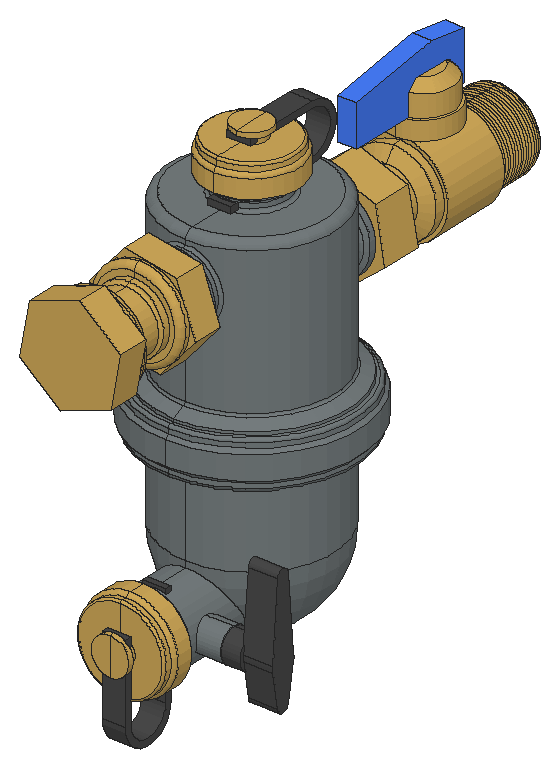
Revit family "VT.383.B.05", category Оборудование, Revit 2019
Family settings
  Размер круглого соединителя = Использовать диаметр
  Тип детали = Нормальный
  Номер OmniClass = 23.75.00.00
  Заголовок OmniClass = Climate Control (HVAC)
  На основе рабочей плоскости = Нет
  Всегда вертикально = Да
  При загрузке вырезать с полостями = Нет
  Общий = Нет
  Точка расчета площади = Нет
Parameters (values of type "RAL7016")
  Техническое описание = "https://valtec.ru/catalog/filtry/deshlamatory/filtr_deshlamator_s_plastikovym_korpusom.html"
  Страна производитель = "Italy"
  Семейство продуктов = "Дополнительный"
  Производитель URL = "https://valtec.ru/catalog/filtry/deshlamatory/filtr_deshlamator_s_plastikovym_korpusom.html"
  Произведено в = "Сделано в Италии"  # constant formula
  Практическое руководство по использованию семьи = "Фильтрация гарантируется во всех 4 доступных конфигурациях благодаря поворотной вставке (ожидается получение патента). Поворотная вставка заставляет поток воды внутри сетчатого фильтра, который задерживает загрязнения.\r\n- Вы можете выбрать одну из 4 конфигураций: «Компоновка A» или «Компоновка A1» или «Компоновка B» или «Компоновка B1». Отметьте эту опцию в параметре «Свойства модели - макет». Будьте осторожны: вы должны выбрать только один макет.\r\n- Вы можете выбрать один из двух дополнительных комплектов. Отметьте эту опцию в параметре «Свойства модели - Комплект с дополнительными присадками HT (высокотемпературная система)» или «Комплект с дополнительными присадками LT (низкотемпературная система)». Будьте осторожны: вы должны выбрать только один дополнительный комплект.\r\n- Вы можете выбрать между двумя различными отделками. Отметьте эту опцию в параметре «Модели и отделка - Отделка серого или Отделка белого»"
  Отделка серый = not(Отделка Белый)  # yes
  Отделка Белый = no
  Описание статьи = "Поворотный магнитный грязеуловитель с фильтром"  # constant formula
  Описание Конфигурации = "Фильтрация гарантируется во всех 4 доступных конфигурациях благодаря поворотной вставке (заявка на патент подана), которая заставляет поток воды внутри фильтра, который задерживает загрязнения."
  Описание OmniClass = "Клапаны"
  Номинальная ширина = 0 mm
  Номинальная высота = 0 mm
  Название производителя = "IVAR"
  Материал основной = "Polyamide"
  Материал вторичный = ""
  Мастерформат 2014 Описание = "Отопление, вентиляция и кондиционирование воздуха (HVAC)"
  Марка url = "http://www.ivar-group.com/en/web/international/home"
  Инструкции по установке = "https://valtec.ru/catalog/filtry/deshlamatory/filtr_deshlamator_s_plastikovym_korpusom.html"
  Группа товаров = "Дополнительный"
  Вес нетто (Kg) = "0"
  Вес = 0.605 kg
  Версия = "Rev.00"  # constant formula
  url продукта = "https://valtec.ru/catalog/filtry/deshlamatory/filtr_deshlamator_s_plastikovym_korpusom.html"
  Y_OUT [instance] = if(and(Расположение A), 14 mm, if(and(Расположение A1), 65 mm, if(and(Расположение B), 19 mm, if(and(Расположение B1), 77 mm, 0 mm))))  # 65 mm
  Y_IN [instance] = if(and(Расположение A), 77 mm, if(and(Расположение A1), 77 mm, if(and(Расположение B), 67 mm, if(and(Расположение B1), 67 mm, 0 mm))))  # 77 mm
  X_OUT [instance] = if(and(Расположение A), 116 mm, if(and(Расположение A1), 192 mm, if(and(Расположение B), 129 mm, if(and(Расположение B1), 67 mm, 0 mm))))  # 192 mm
  X_IN [instance] = if(and(Расположение A), 49 mm, if(and(Расположение A1), 49 mm, if(and(Расположение B), 210 mm, if(and(Расположение B1), 210 mm, 0 mm))))  # 49 mm
  Uniformat II Описание = "HVAC"
  Комментарии к типоразмеру = "Разработано в Италии"  # constant formula
  Uniclass 2015 имя = "Водопроводные системы"
  Uniclass 2.0 Описание = "Клапаны"
  Uniclass 1.4 Описание = "Водопроводные системы"
  Рейтинг разделения частиц (µm) = 800
  Комплект с дополнительными добавками HT [instance] = no
  OUT [instance] = if(and(Расположение A), 0, if(and(Расположение A1), 3, if(and(Расположение B), 1, if(and(Расположение B1), 2, 0))))  # 3
  OUT_Вверх [instance] = OUT = 3  # yes
  URL = "https://valtec.ru/catalog/filtry/deshlamatory/filtr_deshlamator_s_plastikovym_korpusom.html"
  OUT_Вниз [instance] = OUT = 2  # no
  OUT_Центральный [instance] = OUT = 1  # no
  Минимальная рабочая температура (°C) = 0 °C
  Макс рабочая температура (°C) = 90 °C
  Макс рабочее давление (bar) = 3 bar
  Максимальный процент гликоля (%) = 50
  Максимальный расход (m3/h) = 1.46 m³/h
  NBS Описание = "Клапаны"
  Материал = Techno-Polymer RAL7016
  В_Центре [instance] = IN = 3  # no
  IFC классификация = "Клапан"
  Поток [instance] = if(and(Расположение A), 0, if(and(Расположение A1), 1, if(and(Расположение B), 2, if(and(Расположение B1), 1, 0))))  # 1
  Угол_Потока [instance] = Поток = 2  # no
  Прямой_Поток [instance] = Поток = 1  # yes
  Вертикальная_Установка [instance] = Установка = 1  # yes
  Revit Version = "2018"  # constant formula
  Вращение Нижнее Тело [instance] = if(and(Расположение A), 0, if(and(Расположение A1), 2, if(and(Расположение B), 1, if(and(Расположение B1), 1, 0))))  # 2
  Вставить [instance] = if(and(Расположение A), 1, if(and(Расположение A1), 1, if(and(Расположение B), 2, if(and(Расположение B1), 2, 0))))  # 1
  Вставить_Положение B [instance] = Вставить = 2  # no
  Вставить_Положение A [instance] = Вставить = 1  # yes
  Вращение Нижнее Тело_0° [instance] = Вращение Нижнее Тело = 2  # yes
  Вращение Нижнее Тело_180° [instance] = Вращение Нижнее Тело = 1  # no
  Горизонтальная_Установка [instance] = Установка = 2  # no
  Группа модели = "ДЕШЛАМАТОРЫ®"  # constant formula
  Изготовитель = "IVAR"  # constant formula
  Установка [instance] = if(and(Расположение A), 2, if(and(Расположение A1), 1, if(and(Расположение B), 1, if(and(Расположение B1), 1, 0))))  # 1
  Описание = "Поворотный магнитный грязеуловитель с фильтром"  # constant formula
  EMCS Версия = "3.0"  # constant formula
  DN = 20 mm  # constant formula
  Расположение B1 [instance] = no
  Расположение B [instance] = no
  Расположение A1 [instance] = yes
  Расположение A [instance] = no
  Тип соединения = "Gas ISO 228/1"  # constant formula
  Размер соединения = "3/4\""
  BIM код основной категории объекта = "Водопровод"
  BIM код категории объекта = "Водопроводным-другой"
  BIM категория объекта = "Дополнительный\r\nдополнительный\r\nДополнительный"
  BIM главная категория объекта = "Водопровод"
  IN [instance] = if(and(Расположение A), 3, if(and(Расположение A1), 1, if(and(Расположение B), 2, if(and(Расположение B1), 2, 0))))  # 1
  В_Верху [instance] = IN = 2  # no
  В_Низу [instance] = IN = 1  # yes
  Комплект с дополнительными добавками LT [instance] = no
  Жидкости применения = "Вода и раствор гликоля"  # constant formula
  ANGLE_IN [instance] = if(and(Расположение A), 180.00°, if(and(Расположение A1), 180.00°, if(and(Расположение B), 0.00°, if(and(Расположение B1), 0.00°, 0.00°))))  # 180.00°
  ANGLE_OUT [instance] = if(and(Расположение A), 90.00°, if(and(Расположение A1), 0.00°, if(and(Расположение B), 90.00°, if(and(Расположение B1), 180.00°, 0.00°))))  # 0.00°
Types (2, lengths in mm): name | Семейство продуктов | Практическое руководство по использованию семьи | Отделка серый | Отделка Белый | Описание Конфигурации | Описание OmniClass | Марка url | Группа товаров | Y_OUT | Y_IN | X_OUT | X_IN | Uniclass 2.0 Описание | OUT | OUT_Вверх | OUT_Вниз | NBS Описание | Материал | Вращение Нижнее Тело | Вставить | Вставить_Положение B | Вставить_Положение A | Вращение Нижнее Тело_0° | Вращение Нижнее Тело_180° | Расположение B1 | Расположение A1 | BIM код основной категории объекта | BIM код категории объекта | BIM главная категория объекта | IN | В_Верху | В_Низу | ANGLE_IN | ANGLE_OUT
  RAL7016 | "Дополнительный" | "Фильтрация гарантируется во всех 4 доступных конфигурациях благодаря поворотной вставке (ожидается получение патента). Поворотная вставка заставляет поток воды внутри сетчатого фильтра, который задерживает загрязнения.\r\n- Вы можете выбрать одну из 4 конфигураций: «Компоновка A» или «Компоновка A1» или «Компоновка B» или «Компоновка B1». Отметьте эту опцию в параметре «Свойства модели - макет». Будьте осторожны: вы должны выбрать только один макет.\r\n- Вы можете выбрать один из двух дополнительных комплектов. Отметьте эту опцию в параметре «Свойства модели - Комплект с дополнительными присадками HT (высокотемпературная система)» или «Комплект с дополнительными присадками LT (низкотемпературная система)». Будьте осторожны: вы должны выбрать только один дополнительный комплект.\r\n- Вы можете выбрать между двумя различными отделками. Отметьте эту опцию в параметре «Модели и отделка - Отделка серого или Отделка белого»" | yes | no | "Фильтрация гарантируется во всех 4 доступных конфигурациях благодаря поворотной вставке (заявка на патент подана), которая заставляет поток воды внутри фильтра, который задерживает загрязнения." | "Клапаны" | "http://www.ivar-group.com/en/web/international/home" | "Дополнительный" | 65 | 77 | 192 | 49 | "Клапаны" | 3 | yes | no | "Клапаны" | Techno-Polymer RAL7016 | 2 | 1 | no | yes | yes | no | no | yes | "Водопровод" | "Водопроводным-другой" | "Водопровод" | 1 | no | yes | 180.00° | 0.00°
  RAL9010 | "Дополнительный\r\nдополнительный\r\nДополнительный" | "" | no | yes | "Фильтрация гарантируется во всех 4 доступных конфигурациях благодаря поворотной вставке (ожидается получение патента)\r\nэто заставляет поток воды внутри фильтра, который задерживает примеси." | "Арматура" | "https://valtec.ru/catalog/filtry/deshlamatory/filtr_deshlamator_s_plastikovym_korpusom.html" | "Дополнительный\r\nдополнительный\r\nДополнительный" | 77 | 67 | 67 | 210 | "Арматура" | 2 | no | yes | "Арматура" | Techno-Polymer RAL9010 | 1 | 2 | yes | no | no | yes | yes | no | "водопровод" | "водопроводным-дополнительный\r\nдополнительный\r\nДополнительный" | "Plumbing" | 2 | yes | no | 0.00° | 180.00°
Reference planes
  plane 1 "Center (Front/Back)": y = 0
  plane 2: z = 0
  plane 3 "Center (Left/Right)": x = 0
  plane 4: y = -31.87
  plane 5: z = 15.7
  plane 6: y = -21.091
  plane 7: z = 31.7
  plane 8: z = 28.7
  plane 9: z = 0
  plane 10: y = -168.93
  plane 11: z = 25.665
  plane 12: y = -179.709
  plane 13: z = 41.665
  plane 14: z = 38.665
  plane 15: y = -31.87
  plane 16: z = 15.711
  plane 17: y = -21.091
  plane 18: z = 31.711
  plane 19: z = 28.711
  plane 20: x = 45.576
  plane 21: x = -46
  plane 22: z = -83.066
Forms (mm)
  Extrusion 1, solid, material "BRASS - CW617N", visible <- "OUT_Вверх", detail levels medium+fine
    sketch origin (-108.585, -172.4, 407.643) x (0, 0, -1) y (1, 0, 0)
      loop
        line (408.631, 121.689) -> (391.786, 124.659) -> (380.791, 111.556) -> (386.641, 95.482) -> (403.487, 92.512) -> (414.482, 105.615) -> (408.631, 121.689)
    from -9.789 to 0
  Extrusion 2, solid, material "BRASS - CW617N", visible <- "OUT_Вверх", detail levels medium+fine
    sketch origin (-397.636, -172.4, -98.579) x (1, 0, 0) y (0, 0, 1)
      loop
        line (408.631, 121.689) -> (391.786, 124.659) -> (380.791, 111.556) -> (386.641, 95.482) -> (403.487, 92.512) -> (414.482, 105.615) -> (408.631, 121.689)
    from -38.6 to -28.811
  Revolve 3, solid, material "BRASS - CW617N", visible <- "OUT_Вверх", detail levels medium+fine
    sketch origin (0, -133.8, 10.006) x (0, 0, -1) y (0, -1, 0)
      loop
        line (0, 9.789) -> (0, 28.811) -> (-14.9, 28.811) -> (-14.9, 27.6)
        arc (-14.9, 27.6) -> (-14.314, 26.186) -> (-12.9, 25.6) r 2
        line (-12.9, 25.6) -> (-10, 25.6) -> (-10, 16.221)
        arc (-10, 16.221) -> (-10.293, 15.514) -> (-11, 15.221) r 1
        line (-11, 15.221) -> (-11, 13) -> (-12.9, 13)
        arc (-12.9, 13) -> (-14.314, 12.414) -> (-14.9, 11) r 2
        line (-14.9, 11) -> (-14.9, 9.789) -> (0, 9.789)
      axis (0, 9.789) -> (0, 28.811)
    angle from 0 to 360
  Revolve 4, solid, material "BRASS - CW617N", visible <- "В_Низу", detail levels medium+fine
    sketch origin (0, -87, 72.4) x (0, -1, 0) y (0, 0, 1)
      loop
        line (-87, -72.4) -> (-69.001, -72.4) -> (-69.001, -60.105) -> (-69.527, -59.194) -> (-70.048, -60.096) -> (-70.563, -59.202) -> (-71.082, -60.101) -> (-71.602, -59.201) -> (-72.118, -60.095) -> (-72.634, -59.201) -> (-73.157, -60.107) -> (-73.679, -59.203) -> (-74.199, -60.104) -> (-74.723, -59.197) -> (-75.24, -60.093) -> (-75.755, -59.2) -> (-76.272, -60.096) -> (-76.79, -59.201) -> (-77.305, -60.058) -> (-77.838, -59.169) -> (-78.34, -60.112) -> (-78.873, -59.225) -> (-79.392, -60.025) -> (-79.912, -59.161) -> (-80.432, -60.138) -> (-80.986, -59.215) -> (-81.471, -60.126) -> (-82.021, -59.21) -> (-82.491, -60.095) -> (-83.042, -59.18) -> (-83.549, -60.135) -> (-84.095, -59.227) -> (-84.573, -60.127) -> (-85.108, -59.236) -> (-85.91, -59.61) -> (-87, -60.7) -> (-87, -72.4)
      axis (-87, -72.4) -> (-69.001, -72.4)
    angle from 0 to 360
  Revolve 5, solid, material "BRASS - CW617N", visible <- "В_Низу", detail levels medium+fine
    sketch origin (0, -87, 72.4) x (0, -1, 0) y (0, 0, 1)
      loop
        line (-65.909, -56.7) -> (-55.13, -56.7) -> (-55.13, -40.7) -> (-61.35, -40.7) -> (-64.864, -43.7) -> (-64.864, -50.7) -> (-65.909, -50.7) -> (-65.909, -56.7)
      axis (-55.13, -56.7) -> (-55.13, -40.7)
    angle from 0 to 360
  Extrusion 6, solid, material "Plastic - Blue", visible <- "В_Низу", detail levels medium+fine
    sketch origin (0, -87, 72.4) x (0, -1, 0) y (0, 0, 1)
      loop
        line (-68, -50.7) -> (-64.864, -50.7) -> (-64.864, -43.7) -> (-61.35, -40.7) -> (-48.91, -40.7) -> (-45.396, -43.7) -> (-45.396, -50.7) -> (-25, -50.7) -> (-25, -37.5) -> (-55, -32.748) -> (-68, -34.807) -> (-68, -50.7)
    from -2.97 to 2.97
  Revolve 7, solid, material "BRASS - CW617N", visible <- "В_Низу", detail levels medium+fine
    sketch origin (0, -87, 72.4) x (0, -1, 0) y (0, 0, 1)
      loop
        line (-69.001, -72.4) -> (-32.999, -72.4) -> (-32.999, -62.892) -> (-41.046, -62.892) -> (-43.5, -58.642) -> (-46.5, -58.642) -> (-46.5, -57.4) -> (-69.001, -57.4) -> (-69.001, -72.4)
      axis (-69.001, -72.4) -> (-32.999, -72.4)
    angle from 0 to 360
  Revolve 8, solid, material "BRASS - CW617N", visible <- "В_Низу", detail levels medium+fine
    sketch origin (0, -87, 72.4) x (0, -1, 0) y (0, 0, 1)
      loop
        line (-64, -57.4) -> (-55.13, -57.4) -> (-55.13, -56.6) -> (-64, -56.6) -> (-64, -57.4)
      axis (-55.13, -57.4) -> (-55.13, -56.4)
    angle from 0 to 360
  Extrusion 9, solid, material "BRASS - CW617N", visible <- "В_Низу", detail levels medium+fine
    sketch origin (-108.585, 33.89, -397.136) x (0, 0, 1) y (1, 0, 0)
      loop
        line (408.631, 121.689) -> (391.786, 124.659) -> (380.791, 111.556) -> (386.641, 95.482) -> (403.487, 92.512) -> (414.482, 105.615) -> (408.631, 121.689)
    from -100.89 to -87.89
  Revolve 10, solid, material "Techno-Polymer RAL7016" <- "Материал", visible <- "Вертикальная_Установка", detail levels medium+fine
    sketch origin (0, -172.4, 11.406) x (0, 0, -1) y (0, -1, 0)
      loop
        line (-20, -72.4) -> (-14.127, -72.4) -> (-14.127, -60.4)
        arc (-14.127, -60.4) -> (-14.419, -61.107) -> (-15.127, -61.4) r 1
        line (-15.127, -61.4) -> (-16.739, -61.4)
        arc (-16.739, -61.4) -> (-17.239, -61.266) -> (-17.605, -60.9) r 1
        line (-17.605, -60.9) -> (-18.5, -59.35) -> (-20, -59.35) -> (-20, -72.4)
      axis (-20, -72.4) -> (-14.127, -72.4)
    angle from 0 to 360
  Revolve 11, solid, material "Techno-Polymer RAL7016" <- "Материал", visible <- "Вертикальная_Установка", detail levels medium+fine
    sketch origin (0, -172.4, 10.006) x (0, 0, -1) y (0, -1, 0)
      loop
        line (0, -38.6) -> (-13.05, -38.6) -> (-13.05, -41.4) -> (-11.5, -42.295)
        arc (-11.5, -42.295) -> (-11.134, -42.661) -> (-11, -43.161) r 1
        line (-11, -43.161) -> (-11, -45.02)
        arc (-11, -45.02) -> (-11.212, -45.636) -> (-11.758, -45.991) r 1
        line (-11.758, -45.991) -> (0, -45.991) -> (0, -38.6)
      axis (0, -38.6) -> (0, -45.991)
    angle from 0 to 360
  Revolve 12, solid, material "Techno-Polymer RAL7016" <- "Материал", visible <- "Вертикальная_Установка", detail levels medium+fine
    sketch origin (0, -172.4, 11.406) x (0, 0, -1) y (0, -1, 0)
      loop
        line (-14.127, -48.874) -> (-14.127, -72.4) -> (53.5, -72.4) -> (53.5, -40.141)
        arc (53.5, -40.141) -> (53.21, -39.44) -> (52.509, -39.15) r 0.991
        line (52.509, -39.15) -> (51, -39.15) -> (49.788, -37.938) -> (42.195, -37.938) -> (41, -39.133) -> (39.487, -39.133)
        arc (39.487, -39.133) -> (38.789, -39.422) -> (38.5, -40.12) r 0.987
        line (38.5, -40.12) -> (38.5, -41.403) -> (37.558, -41.403) -> (35.691, -45.407)
        arc (35.691, -45.407) -> (35.336, -45.788) -> (34.825, -45.887) r 0.842
        line (34.825, -45.887) -> (-11.712, -45.887)
        arc (-11.712, -45.887) -> (-13.447, -46.953) -> (-14.127, -48.874) r 3.055
      axis (-14.127, -72.4) -> (53.5, -72.4)
    angle from 0 to 360
  Revolve 13, solid, material "Techno-Polymer RAL7016" <- "Материал", visible <- "Вертикальная_Установка", detail levels medium+fine
    sketch origin (0, -172.4, 10) x (0, 0, -1) y (0, -1, 0)
      loop
        line (10, -105.4) -> (10, -98.9) -> (-2.098, -98.9)
        arc (-2.098, -98.9) -> (-0.892, -100.544) -> (-1.447, -102.505) r 2.321
        line (-1.447, -102.505) -> (-3.05, -103.43) -> (-3.05, -105.4) -> (10, -105.4)
      axis (10, -98.9) -> (10, -105.4)
    angle from 0 to 360
  Revolve 14, solid, material "Techno-Polymer RAL7016" <- "Материал", visible <- "Вращение Нижнее Тело_0°", detail levels medium+fine
    sketch origin (0, -172.4, 11.406) x (0, 0, -1) y (0, -1, 0)
      loop
        line (53.5, -72.4) -> (53.5, -98.9) -> (80.198, -98.9)
        arc (80.198, -98.9) -> (95.806, -94.438) -> (106.698, -82.4) r 29.53
        line (106.698, -82.4) -> (106.698, -72.4) -> (53.5, -72.4)
      axis (53.5, -72.4) -> (106.698, -72.4)
    angle from 0 to 360
  Revolve 15, solid, material "BRASS - CW617N", visible <- "Прямой_Поток", detail levels medium+fine
    sketch origin (0, -110, -73.994) x (0, 1, 0) y (0, 0, -1)
      loop
        line (10, -119.297) -> (10, -105.4) -> (-5, -105.4) -> (-5, -111.18)
        arc (-5, -111.18) -> (-4.729, -112.106) -> (-4, -112.739) r 1.716
        line (-4, -112.739) -> (-4, -114.384)
        arc (-4, -114.384) -> (-3.843, -114.919) -> (-3.42, -115.284) r 0.989
        line (-3.42, -115.284) -> (5.484, -115.284) -> (5.484, -117.8) -> (4.001, -117.8) -> (4.001, -119.297) -> (10, -119.297)
      axis (10, -105.4) -> (10, -119.297)
    angle from 0 to 360
  Revolve 16, solid, material "BRASS - CW617N", visible <- "Вращение Нижнее Тело_0°", detail levels medium+fine
    sketch origin (0, -37.603, -73.066) x (0, 0, -1) y (0, -1, 0)
      loop
        line (10, 118.897) -> (4.001, 118.897) -> (4.001, 117.4) -> (5.484, 117.4) -> (5.484, 114.884) -> (-3.42, 114.884)
        arc (-3.42, 114.884) -> (-3.843, 114.519) -> (-4, 113.984) r 0.989
        line (-4, 113.984) -> (-4, 112.339)
        arc (-4, 112.339) -> (-4.729, 111.706) -> (-5, 110.78) r 1.716
        line (-5, 110.78) -> (-5, 105.4) -> (10, 105.4) -> (10, 118.897)
      axis (10, 105.4) -> (10, 118.897)
    angle from 0 to 360
  Extrusion 17, solid, material "BRASS - CW617N", visible <- "Горизонтальная_Установка", detail levels medium+fine
    sketch origin (-397.636, -195.585, 72.4) x (1, 0, 0) y (0, 1, 0)
      loop
        line (408.631, 121.689) -> (391.786, 124.659) -> (380.791, 111.556) -> (386.641, 95.482) -> (403.487, 92.512) -> (414.482, 105.615) -> (408.631, 121.689)
    from -38.6 to -28.811
  Revolve 18, solid, material "BRASS - CW617N", visible <- "Горизонтальная_Установка", detail levels medium+fine
    sketch origin (0, -87, 33.8) x (0, -1, 0) y (0, 0, 1)
      loop
        line (0, 9.789) -> (0, 28.811) -> (-14.9, 28.811) -> (-14.9, 28)
        arc (-14.9, 28) -> (-14.314, 26.586) -> (-12.9, 26) r 2
        line (-12.9, 26) -> (-10, 26) -> (-10, 16.621)
        arc (-10, 16.621) -> (-10.293, 15.914) -> (-11, 15.621) r 1
        line (-11, 15.621) -> (-11, 13.4) -> (-12.9, 13.4)
        arc (-12.9, 13.4) -> (-14.314, 12.814) -> (-14.9, 11.4) r 2
        line (-14.9, 11.4) -> (-14.9, 9.789) -> (0, 9.789)
      axis (0, 9.789) -> (0, 28.811)
    angle from 0 to 360
  Revolve 19, solid, material "Techno-Polymer RAL7016" <- "Материал", visible <- "Горизонтальная_Установка", detail levels medium+fine
    sketch origin (0, -87, 72.4) x (0, -1, 0) y (0, 0, 1)
      loop
        line (-20, -72.4) -> (-14.127, -72.4) -> (-14.127, -60.4)
        arc (-14.127, -60.4) -> (-14.419, -61.107) -> (-15.127, -61.4) r 1
        line (-15.127, -61.4) -> (-16.739, -61.4)
        arc (-16.739, -61.4) -> (-17.239, -61.266) -> (-17.605, -60.9) r 1
        line (-17.605, -60.9) -> (-18.5, -59.35) -> (-20, -59.35) -> (-20, -72.4)
      axis (-20, -72.4) -> (-14.127, -72.4)
    angle from 0 to 360
  Revolve 20, solid, material "Techno-Polymer RAL7016" <- "Материал", visible <- "Горизонтальная_Установка", detail levels medium+fine
    sketch origin (0, -87, 72.4) x (0, -1, 0) y (0, 0, 1)
      loop
        line (0, -38.6) -> (-13.05, -38.6) -> (-13.05, -41.4) -> (-11.5, -42.295)
        arc (-11.5, -42.295) -> (-11.134, -42.661) -> (-11, -43.161) r 1
        line (-11, -43.161) -> (-11, -45.02)
        arc (-11, -45.02) -> (-11.212, -45.636) -> (-11.758, -45.991) r 1
        line (-11.758, -45.991) -> (0, -45.991) -> (0, -38.6)
      axis (0, -38.6) -> (0, -45.991)
    angle from 0 to 360
  Revolve 21, solid, material "Techno-Polymer RAL7016" <- "Материал", visible <- "Горизонтальная_Установка", detail levels medium+fine
    sketch origin (0, -87, 72.4) x (0, -1, 0) y (0, 0, 1)
      loop
        line (-14.127, -48.874) -> (-14.127, -72.4) -> (53.5, -72.4) -> (53.5, -40.141)
        arc (53.5, -40.141) -> (53.21, -39.44) -> (52.509, -39.15) r 0.991
        line (52.509, -39.15) -> (51, -39.15) -> (49.788, -37.938) -> (42.195, -37.938) -> (41, -39.133) -> (39.487, -39.133)
        arc (39.487, -39.133) -> (38.789, -39.422) -> (38.5, -40.12) r 0.987
        line (38.5, -40.12) -> (38.5, -41.403) -> (37.558, -41.403) -> (35.691, -45.407)
        arc (35.691, -45.407) -> (35.336, -45.788) -> (34.825, -45.887) r 0.842
        line (34.825, -45.887) -> (-11.712, -45.887)
        arc (-11.712, -45.887) -> (-13.447, -46.953) -> (-14.127, -48.874) r 3.055
      axis (-14.127, -72.4) -> (53.5, -72.4)
    angle from 0 to 360
  Revolve 22, solid, material "Techno-Polymer RAL7016" <- "Материал", visible <- "Горизонтальная_Установка", detail levels medium+fine
    sketch origin (0, -87, 72.4) x (0, -1, 0) y (0, 0, 1)
      loop
        line (10, -105.4) -> (10, -98.9) -> (-2.098, -98.9)
        arc (-2.098, -98.9) -> (-0.892, -100.544) -> (-1.447, -102.505) r 2.321
        line (-1.447, -102.505) -> (-3.05, -103.43) -> (-3.05, -105.4) -> (10, -105.4)
      axis (10, -98.9) -> (10, -105.4)
    angle from 0 to 360
  Extrusion 23, solid, material "EPDM - Black", visible <- "Горизонтальная_Установка", detail levels medium+fine
    sketch origin (0, -87, 72.4) x (0, -1, 0) y (0, 0, 1)
      loop
        line (23, -101.4) -> (23, -99.4) -> (-9.81, -99.4)
        arc (-9.81, -99.4) -> (-18.81, -108.4) -> (-9.81, -117.4) r 9
        line (-9.81, -117.4) -> (15.25, -117.4) -> (15.25, -115.4) -> (-9.723, -115.4)
        arc (-9.723, -115.4) -> (-16.723, -108.4) -> (-9.723, -101.4) r 7
        line (-9.723, -101.4) -> (23, -101.4)
    from -3.719 to 3.719
  Revolve 24, solid, material "Techno-Polymer RAL7016" <- "Материал", visible <- "Горизонтальная_Установка", detail levels medium+fine
    sketch origin (0, -171.5, 62.397) x (0, -1, 0) y (0, 0, 1)
      loop
        line (10, -72.249) -> (10, -105.4) -> (23.05, -105.4) -> (23.05, -103.43) -> (22.198, -102.938) -> (22.198, -72.249) -> (10, -72.249)
      axis (10, -105.4) -> (10, -72.249)
    angle from 0 to 360
  Extrusion 25, solid, material "EPDM - Black", visible <- "Горизонтальная_Установка", detail levels medium+fine
    sketch origin (0, -171.5, 62.397) x (0, -1, 0) y (0, 0, 1)
      loop
        line (23, -101.4) -> (23, -99.4) -> (-9.81, -99.4)
        arc (-9.81, -99.4) -> (-18.81, -108.4) -> (-9.81, -117.4) r 9
        line (-9.81, -117.4) -> (15.25, -117.4) -> (15.25, -115.4) -> (-9.723, -115.4)
        arc (-9.723, -115.4) -> (-16.723, -108.4) -> (-9.723, -101.4) r 7
        line (-9.723, -101.4) -> (23, -101.4)
    from -3.748 to 3.7
  Extrusion 26, solid, material "EPDM - Black", visible <- "Горизонтальная_Установка", detail levels medium+fine
    sketch origin (0, -87, 72.4) x (0, -1, 0) y (0, 0, 1)
      loop
        arc (69.153, -102.915) -> (67.335, -104.987) -> (69.326, -106.892) r 1.992
        line (69.326, -106.892) -> (93.41, -109.018)
        arc (93.41, -109.018) -> (94.484, -109.029) -> (95.552, -108.905) r 8.537
        line (95.552, -108.905) -> (106.774, -106.883)
        arc (106.774, -106.883) -> (108.54, -104.896) -> (106.765, -102.916) r 1.996
        line (106.765, -102.916) -> (95.542, -100.798)
        arc (95.542, -100.798) -> (94.489, -100.667) -> (93.435, -100.798) r 4.298
        line (93.435, -100.798) -> (69.153, -102.915)
    from 26.5 to 35.891
  Revolve 27, solid, material "Techno-Polymer RAL7016" <- "Материал", visible <- "Горизонтальная_Установка", detail levels medium+fine
    sketch origin (0, -87, 72.4) x (0, -1, 0) y (0, 0, 1)
      loop
        line (53.5, -72.4) -> (106.698, -72.4) -> (106.698, -62.548)
        arc (106.698, -62.548) -> (95.847, -50.407) -> (80.2, -45.9) r 29.411
        line (80.2, -45.9) -> (53.5, -45.9) -> (53.5, -72.4)
      axis (53.5, -72.4) -> (106.698, -72.4)
    angle from 0 to 360
  Extrusion 28, solid, material "Techno-Polymer RAL7016" <- "Материал", visible <- "Горизонтальная_Установка", detail levels medium+fine
    sketch origin (0, -87, 72.4) x (0, -1, 0) y (0, 0, 1)
      loop
        circle (94.5, -104.826) r 5.326
    from 10.957 to 20.249
  Extrusion 29, solid, material "EPDM - Black", visible <- "Горизонтальная_Установка", detail levels medium+fine
    sketch origin (0, -87, 72.4) x (0, -1, 0) y (0, 0, 1)
      loop
        circle (94.5, -104.826) r 5.326
    from 20.249 to 26.5
  Revolve 30, solid, material "BRASS - CW617N", visible <- "Горизонтальная_Установка", detail levels medium+fine
    sketch origin (0, -87, 72.4) x (0, -1, 0) y (0, 0, 1)
      loop
        line (10, -118.897) -> (10, -105.4) -> (-5, -105.4) -> (-5, -110.78)
        arc (-5, -110.78) -> (-4.729, -111.706) -> (-4, -112.339) r 1.716
        line (-4, -112.339) -> (-4, -113.984)
        arc (-4, -113.984) -> (-3.843, -114.519) -> (-3.42, -114.884) r 0.989
        line (-3.42, -114.884) -> (5.484, -114.884) -> (5.484, -117.4) -> (4.001, -117.4) -> (4.001, -118.897) -> (10, -118.897)
      axis (10, -105.4) -> (10, -118.897)
    angle from 0 to 360
  Revolve 31, solid, material "BRASS - CW617N", visible <- "Горизонтальная_Установка", detail levels medium+fine
    sketch origin (0, -171.472, 62.397) x (0, -1, 0) y (0, 0, 1)
      loop
        line (10, -118.897) -> (10, -105.4) -> (-5, -105.4) -> (-5, -110.78)
        arc (-5, -110.78) -> (-4.729, -111.706) -> (-4, -112.339) r 1.716
        line (-4, -112.339) -> (-4, -113.984)
        arc (-4, -113.984) -> (-3.843, -114.519) -> (-3.42, -114.884) r 0.989
        line (-3.42, -114.884) -> (5.484, -114.884) -> (5.484, -117.4) -> (4.001, -117.4) -> (4.001, -118.897) -> (10, -118.897)
      axis (10, -105.4) -> (10, -118.897)
    angle from 0 to 360
  Extrusion 32, solid, material "BRASS - CW617N", visible <- "Горизонтальная_Установка", detail levels medium+fine
    sketch origin (-397.636, -195.585, 101.211) x (1, 0, 0) y (0, 1, 0)
      loop
        line (408.631, 121.689) -> (391.786, 124.659) -> (380.791, 111.556) -> (386.641, 95.482) -> (403.487, 92.512) -> (414.482, 105.615) -> (408.631, 121.689)
    from -38.6 to -28.811
  Revolve 33, solid, material "BRASS - CW617N", visible <- "В_Верху", detail levels medium+fine
    sketch origin (0, -113.8, 82.365) x (0, 1, 0) y (0, 0, -1)
      loop
        line (-87, 72.4) -> (-87, 60.7) -> (-85.91, 59.61) -> (-85.108, 59.236) -> (-84.573, 60.127) -> (-84.095, 59.227) -> (-83.549, 60.135) -> (-83.042, 59.18) -> (-82.491, 60.095) -> (-82.021, 59.21) -> (-81.471, 60.126) -> (-80.986, 59.215) -> (-80.432, 60.138) -> (-79.912, 59.161) -> (-79.392, 60.025) -> (-78.873, 59.225) -> (-78.34, 60.112) -> (-77.838, 59.169) -> (-77.305, 60.058) -> (-76.79, 59.201) -> (-76.272, 60.096) -> (-75.755, 59.2) -> (-75.24, 60.093) -> (-74.723, 59.197) -> (-74.199, 60.104) -> (-73.679, 59.203) -> (-73.157, 60.107) -> (-72.634, 59.201) -> (-72.118, 60.095) -> (-71.602, 59.201) -> (-71.082, 60.101) -> (-70.563, 59.202) -> (-70.048, 60.096) -> (-69.527, 59.194) -> (-69.001, 60.105) -> (-69.001, 72.4) -> (-87, 72.4)
      axis (-87, 72.4) -> (-69.001, 72.4)
    angle from 0 to 360
  Revolve 34, solid, material "BRASS - CW617N", visible <- "В_Верху", detail levels medium+fine
    sketch origin (0, -113.8, 82.365) x (0, 1, 0) y (0, 0, -1)
      loop
        line (-65.909, 56.7) -> (-65.909, 50.7) -> (-64.864, 50.7) -> (-64.864, 43.7) -> (-61.35, 40.7) -> (-55.13, 40.7) -> (-55.13, 56.7) -> (-65.909, 56.7)
      axis (-55.13, 56.7) -> (-55.13, 40.7)
    angle from 0 to 360
  Extrusion 35, solid, material "Plastic - Blue", visible <- "В_Верху", detail levels medium+fine
    sketch origin (0, -113.8, 82.365) x (0, 1, 0) y (0, 0, -1)
      loop
        line (-68, 50.7) -> (-68, 34.807) -> (-55, 32.748) -> (-25, 37.5) -> (-25, 50.7) -> (-45.396, 50.7) -> (-45.396, 43.7) -> (-48.91, 40.7) -> (-61.35, 40.7) -> (-64.864, 43.7) -> (-64.864, 50.7) -> (-68, 50.7)
    from -2.97 to 2.97
  Revolve 36, solid, material "BRASS - CW617N", visible <- "В_Верху", detail levels medium+fine
    sketch origin (0, -113.8, 82.365) x (0, 1, 0) y (0, 0, -1)
      loop
        line (-69.001, 72.4) -> (-69.001, 57.4) -> (-46.5, 57.4) -> (-46.5, 58.642) -> (-43.5, 58.642) -> (-41.046, 62.892) -> (-32.999, 62.892) -> (-32.999, 72.4) -> (-69.001, 72.4)
      axis (-69.001, 72.4) -> (-32.999, 72.4)
    angle from 0 to 360
  Revolve 37, solid, material "BRASS - CW617N", visible <- "В_Верху", detail levels medium+fine
    sketch origin (0, -113.8, 82.065) x (0, 1, 0) y (0, 0, -1)
      loop
        line (-64, 57.4) -> (-64, 56.6) -> (-55.13, 56.6) -> (-55.13, 57.4) -> (-64, 57.4)
      axis (-55.13, 57.4) -> (-55.13, 56.4)
    angle from 0 to 360
  Extrusion 38, solid, material "BRASS - CW617N", visible <- "В_Верху", detail levels medium+fine
    sketch origin (-108.585, -234.69, -387.665) x (0, 0, 1) y (-1, 0, 0)
      loop
        line (408.631, -121.689) -> (414.482, -105.615) -> (403.487, -92.512) -> (386.641, -95.482) -> (380.791, -111.556) -> (391.786, -124.659) -> (408.631, -121.689)
    from -100.89 to -87.89
  Extrusion 39, solid, material "BRASS - CW617N", visible <- "OUT_Вниз", detail levels medium+fine
    sketch origin (-397.636, -28.4, 108.585) x (1, 0, 0) y (0, 0, -1)
      loop
        line (408.631, 121.689) -> (391.786, 124.659) -> (380.791, 111.556) -> (386.641, 95.482) -> (403.487, 92.512) -> (414.482, 105.615) -> (408.631, 121.689)
    from -38.6 to -28.411
  Revolve 40, solid, material "BRASS - CW617N", visible <- "OUT_Вниз", detail levels medium+fine
    sketch origin (0, -67, 0) x (0, 0, 1) y (0, 1, 0)
      loop
        line (0, 10.189) -> (0, 28.811) -> (-14.9, 28.811) -> (-14.9, 28)
        arc (-14.9, 28) -> (-14.314, 26.586) -> (-12.9, 26) r 2
        line (-12.9, 26) -> (-10, 26) -> (-10, 16.621)
        arc (-10, 16.621) -> (-10.293, 15.914) -> (-11, 15.621) r 1
        line (-11, 15.621) -> (-11, 13.4) -> (-12.9, 13.4)
        arc (-12.9, 13.4) -> (-14.314, 12.814) -> (-14.9, 11.4) r 2
        line (-14.9, 11.4) -> (-14.9, 10.189) -> (0, 10.189)
      axis (0, 10.189) -> (0, 28.811)
    angle from 0 to 360
  Extrusion 41, solid, material "BRASS - CW617N", visible <- "OUT_Вниз", detail levels medium+fine
    sketch origin (-397.636, 0.411, 108.585) x (1, 0, 0) y (0, 0, -1)
      loop
        line (408.631, 121.689) -> (391.786, 124.659) -> (380.791, 111.556) -> (386.641, 95.482) -> (403.487, 92.512) -> (414.482, 105.615) -> (408.631, 121.689)
    from -38.6 to -28.811
  Extrusion 42, solid, material "EPDM - Black", visible <- "Угол_Потока", detail levels medium+fine
    sketch origin (0, -172.4, 9.972) x (0, 0, -1) y (0, -1, 0)
      loop
        line (23, -101.4) -> (23, -99.4) -> (-9.81, -99.4)
        arc (-9.81, -99.4) -> (-18.81, -108.4) -> (-9.81, -117.4) r 9
        line (-9.81, -117.4) -> (15.25, -117.4) -> (15.25, -115.4) -> (-9.723, -115.4)
        arc (-9.723, -115.4) -> (-16.723, -108.4) -> (-9.723, -101.4) r 7
        line (-9.723, -101.4) -> (23, -101.4)
    from -3.748 to 3.7
  Revolve 43, solid, material "BRASS - CW617N", visible <- "Угол_Потока", detail levels medium+fine
    sketch origin (0, -172.4, 10) x (0, 0, -1) y (0, -1, 0)
      loop
        line (10, -118.897) -> (10, -105.4) -> (-5, -105.4) -> (-5, -110.78)
        arc (-5, -110.78) -> (-4.729, -111.706) -> (-4, -112.339) r 1.716
        line (-4, -112.339) -> (-4, -113.984)
        arc (-4, -113.984) -> (-3.843, -114.519) -> (-3.42, -114.884) r 0.989
        line (-3.42, -114.884) -> (5.484, -114.884) -> (5.484, -117.4) -> (4.001, -117.4) -> (4.001, -118.897) -> (10, -118.897)
      axis (10, -105.4) -> (10, -118.897)
    angle from 0 to 360
  Extrusion 44, solid, material "BRASS - CW617N", visible <- "OUT_Центральный", detail levels medium+fine
    sketch origin (-397.636, -208.585, 70.006) x (1, 0, 0) y (0, 1, 0)
      loop
        line (408.631, 121.689) -> (391.786, 124.659) -> (380.791, 111.556) -> (386.641, 95.482) -> (403.487, 92.512) -> (414.482, 105.615) -> (408.631, 121.689)
    from -38.6 to -28.411
  Revolve 45, solid, material "BRASS - CW617N", visible <- "OUT_Центральный", detail levels medium+fine
    sketch origin (0, -100, 31.406) x (0, -1, 0) y (0, 0, 1)
      loop
        line (0, 10.189) -> (0, 28.811) -> (-14.9, 28.811) -> (-14.9, 28)
        arc (-14.9, 28) -> (-14.314, 26.586) -> (-12.9, 26) r 2
        line (-12.9, 26) -> (-10, 26) -> (-10, 16.621)
        arc (-10, 16.621) -> (-10.293, 15.914) -> (-11, 15.621) r 1
        line (-11, 15.621) -> (-11, 13.4) -> (-12.9, 13.4)
        arc (-12.9, 13.4) -> (-14.314, 12.814) -> (-14.9, 11.4) r 2
        line (-14.9, 11.4) -> (-14.9, 10.189) -> (0, 10.189)
      axis (0, 10.189) -> (0, 28.811)
    angle from 0 to 360
  Extrusion 46, solid, material "BRASS - CW617N", visible <- "OUT_Центральный", detail levels medium+fine
    sketch origin (-397.636, -208.585, 98.818) x (1, 0, 0) y (0, 1, 0)
      loop
        line (408.631, 121.689) -> (391.786, 124.659) -> (380.791, 111.556) -> (386.641, 95.482) -> (403.487, 92.512) -> (414.482, 105.615) -> (408.631, 121.689)
    from -38.6 to -28.811
  Revolve 47, solid, material "Techno-Polymer RAL7016" <- "Материал", visible <- "Вращение Нижнее Тело_180°", detail levels medium+fine
    sketch origin (0, -27.6, 11.406) x (0, 0, -1) y (0, -1, 0)
      loop
        line (53.5, 72.4) -> (106.698, 72.4) -> (106.698, 82.4)
        arc (106.698, 82.4) -> (95.808, 94.438) -> (80.2, 98.9) r 29.527
        line (80.2, 98.9) -> (53.5, 98.9) -> (53.5, 72.4)
      axis (53.5, 72.4) -> (106.698, 72.4)
    angle from 0 to 360
  Revolve 48, solid, material "Techno-Polymer RAL7016" <- "Материал", visible <- "Вращение Нижнее Тело_180°", detail levels medium+fine
    sketch origin (0, -162.397, -73.094) x (0, 0, -1) y (0, -1, 0)
      loop
        line (-2.198, -102.938) -> (-3.05, -103.43) -> (-3.05, -105.4) -> (10, -105.4) -> (10, -72.397) -> (-2.198, -72.397) -> (-2.198, -102.938)
      axis (10, -105.4) -> (10, -72.397)
    angle from 0 to 360
  Extrusion 49, solid, material "EPDM - Black", visible <- "Вращение Нижнее Тело_180°", detail levels medium+fine
    sketch origin (0, -162.397, -73.094) x (0, 0, -1) y (0, -1, 0)
      loop
        line (23, -101.4) -> (23, -99.4) -> (-9.81, -99.4)
        arc (-9.81, -99.4) -> (-18.81, -108.4) -> (-9.81, -117.4) r 9
        line (-9.81, -117.4) -> (15.25, -117.4) -> (15.25, -115.4) -> (-9.723, -115.4)
        arc (-9.723, -115.4) -> (-16.723, -108.4) -> (-9.723, -101.4) r 7
        line (-9.723, -101.4) -> (23, -101.4)
    from -3.748 to 3.7
  Revolve 50, solid, material "BRASS - CW617N", visible <- "Вращение Нижнее Тело_180°", detail levels medium+fine
    sketch origin (0, -162.397, -73.066) x (0, 0, -1) y (0, -1, 0)
      loop
        line (10, -118.897) -> (10, -105.4) -> (-5, -105.4) -> (-5, -110.78)
        arc (-5, -110.78) -> (-4.729, -111.706) -> (-4, -112.339) r 1.716
        line (-4, -112.339) -> (-4, -113.984)
        arc (-4, -113.984) -> (-3.843, -114.519) -> (-3.42, -114.884) r 0.989
        line (-3.42, -114.884) -> (5.484, -114.884) -> (5.484, -117.4) -> (4.001, -117.4) -> (4.001, -118.897) -> (10, -118.897)
      axis (10, -105.4) -> (10, -118.897)
    angle from 0 to 360
  Revolve 51, solid, material "BRASS - CW617N", visible <- "В_Центре", detail levels medium+fine
    sketch origin (0, -87, 72.411) x (0, -1, 0) y (0, 0, 1)
      loop
        line (-87, -72.4) -> (-69.001, -72.4) -> (-69.001, -60.105) -> (-69.527, -59.194) -> (-70.048, -60.096) -> (-70.563, -59.202) -> (-71.082, -60.101) -> (-71.602, -59.201) -> (-72.118, -60.095) -> (-72.634, -59.201) -> (-73.157, -60.107) -> (-73.679, -59.203) -> (-74.199, -60.104) -> (-74.723, -59.197) -> (-75.24, -60.093) -> (-75.755, -59.2) -> (-76.272, -60.096) -> (-76.79, -59.201) -> (-77.305, -60.058) -> (-77.838, -59.169) -> (-78.34, -60.112) -> (-78.873, -59.225) -> (-79.392, -60.025) -> (-79.912, -59.161) -> (-80.432, -60.138) -> (-80.986, -59.215) -> (-81.471, -60.126) -> (-82.021, -59.21) -> (-82.491, -60.095) -> (-83.042, -59.18) -> (-83.549, -60.135) -> (-84.095, -59.227) -> (-84.573, -60.127) -> (-85.108, -59.236) -> (-85.91, -59.61) -> (-87, -60.7) -> (-87, -72.4)
      axis (-87, -72.4) -> (-69.001, -72.4)
    angle from 0 to 360
  Revolve 52, solid, material "BRASS - CW617N", visible <- "В_Центре", detail levels medium+fine
    sketch origin (0, -87, 72.411) x (0, -1, 0) y (0, 0, 1)
      loop
        line (-65.909, -56.7) -> (-55.13, -56.7) -> (-55.13, -40.7) -> (-61.35, -40.7) -> (-64.864, -43.7) -> (-64.864, -50.7) -> (-65.909, -50.7) -> (-65.909, -56.7)
      axis (-55.13, -56.7) -> (-55.13, -40.7)
    angle from 0 to 360
  Extrusion 53, solid, material "Plastic - Blue", visible <- "В_Центре", detail levels medium+fine
    sketch origin (0, -87, 70.994) x (0, -1, 0) y (0, 0, 1)
      loop
        line (-68, -50.7) -> (-64.864, -50.7) -> (-64.864, -43.7) -> (-61.35, -40.7) -> (-48.91, -40.7) -> (-45.396, -43.7) -> (-45.396, -50.7) -> (-25, -50.7) -> (-25, -37.5) -> (-55, -32.748) -> (-68, -34.807) -> (-68, -50.7)
    from -2.97 to 2.97
  Revolve 54, solid, material "BRASS - CW617N", visible <- "В_Центре", detail levels medium+fine
    sketch origin (0, -87, 72.411) x (0, -1, 0) y (0, 0, 1)
      loop
        line (-69.001, -72.4) -> (-32.999, -72.4) -> (-32.999, -62.892) -> (-41.046, -62.892) -> (-43.5, -58.642) -> (-46.5, -58.642) -> (-46.5, -57.4) -> (-69.001, -57.4) -> (-69.001, -72.4)
      axis (-69.001, -72.4) -> (-32.999, -72.4)
    angle from 0 to 360
  Revolve 55, solid, material "BRASS - CW617N", visible <- "В_Центре", detail levels medium+fine
    sketch origin (0, -87, 72.411) x (0, -1, 0) y (0, 0, 1)
      loop
        line (-64, -57.4) -> (-55.13, -57.4) -> (-55.13, -56.6) -> (-64, -56.6) -> (-64, -57.4)
      axis (-55.13, -57.4) -> (-55.13, -56.4)
    angle from 0 to 360
  Extrusion 56, solid, material "BRASS - CW617N", visible <- "В_Центре", detail levels medium+fine
    sketch origin (-108.585, 33.89, -397.636) x (0, 0, 1) y (1, 0, 0)
      loop
        line (408.631, 121.689) -> (391.786, 124.659) -> (380.791, 111.556) -> (386.641, 95.482) -> (403.487, 92.512) -> (414.482, 105.615) -> (408.631, 121.689)
    from -100.89 to -87.89
  Revolve 57, solid, material "Techno-Polymer RAL7016" <- "Материал", visible <- "Вращение Нижнее Тело_0°", detail levels medium+fine
    sketch origin (0, -37.603, -73.094) x (0, 0, -1) y (0, 1, 0)
      loop
        line (-2.198, -102.938) -> (-3.05, -103.43) -> (-3.05, -105.4) -> (10, -105.4) -> (10, -72.397) -> (-2.198, -72.397) -> (-2.198, -102.938)
      axis (10, -105.4) -> (10, -72.397)
    angle from 0 to 360
  Extrusion 58, solid, material "EPDM - Black", visible <- "Вращение Нижнее Тело_0°", detail levels medium+fine
    sketch origin (0, -27.6, 11.406) x (0, 0, -1) y (0, 1, 0)
      loop
        arc (69.153, -102.915) -> (67.335, -104.987) -> (69.326, -106.892) r 1.992
        line (69.326, -106.892) -> (93.41, -109.018)
        arc (93.41, -109.018) -> (94.484, -109.029) -> (95.552, -108.905) r 8.537
        line (95.552, -108.905) -> (106.774, -106.883)
        arc (106.774, -106.883) -> (108.54, -104.896) -> (106.765, -102.916) r 1.996
        line (106.765, -102.916) -> (95.542, -100.798)
        arc (95.542, -100.798) -> (94.489, -100.667) -> (93.435, -100.798) r 4.298
        line (93.435, -100.798) -> (69.153, -102.915)
    from 26.5 to 35.891
  Extrusion 59, solid, material "Techno-Polymer RAL7016" <- "Материал", visible <- "Вращение Нижнее Тело_0°", detail levels medium+fine
    sketch origin (0, -27.6, 11.406) x (0, 0, -1) y (0, 1, 0)
      loop
        circle (94.5, -104.826) r 5.326
    from 10.957 to 20.249
  Extrusion 60, solid, material "EPDM - Black", visible <- "Вращение Нижнее Тело_0°", detail levels medium+fine
    sketch origin (0, -27.6, 11.406) x (0, 0, -1) y (0, 1, 0)
      loop
        circle (94.5, -104.826) r 5.326
    from 20.249 to 26.5
  Extrusion 61, solid, material "EPDM - Black", visible <- "Прямой_Поток", detail levels medium+fine
    sketch origin (0, -90, -73.994) x (0, -1, 0) y (0, 0, 1)
      loop
        line (23, 101.8) -> (-9.723, 101.8)
        arc (-9.723, 101.8) -> (-16.723, 108.8) -> (-9.723, 115.8) r 7
        line (-9.723, 115.8) -> (15.25, 115.8) -> (15.25, 117.8) -> (-9.81, 117.8)
        arc (-9.81, 117.8) -> (-18.81, 108.8) -> (-9.81, 99.8) r 9
        line (-9.81, 99.8) -> (23, 99.8) -> (23, 101.8)
    from -3.719 to 3.719
  Extrusion 62, solid, material "EPDM - Black", visible <- "Вращение Нижнее Тело_0°", detail levels medium+fine
    sketch origin (0, -37.603, -93.038) x (0, 0, 1) y (0, -1, 0)
      loop
        line (23, 101.4) -> (-9.723, 101.4)
        arc (-9.723, 101.4) -> (-16.723, 108.4) -> (-9.723, 115.4) r 7
        line (-9.723, 115.4) -> (15.25, 115.4) -> (15.25, 117.4) -> (-9.81, 117.4)
        arc (-9.81, 117.4) -> (-18.81, 108.4) -> (-9.81, 99.4) r 9
        line (-9.81, 99.4) -> (23, 99.4) -> (23, 101.4)
    from -3.748 to 3.7
  Extrusion 63, solid, material "Techno-Polymer RAL7016", visible <- "Вертикальная_Установка"
    sketch origin (0, -1524, -44.643) x (0, 0, 1) y (0, -1, 0)
      loop
        line (-50.649, -1433.2) -> (-50.649, -1414.8) -> (-53.86, -1414.8)
        arc (-53.86, -1414.8) -> (-54.293, -1414.665) -> (-54.574, -1414.309) r 0.765
        line (-54.574, -1414.309) -> (-54.98, -1413.253)
        arc (-54.98, -1413.253) -> (-55.267, -1412.888) -> (-55.712, -1412.75) r 0.784
        line (-55.712, -1412.75) -> (-56.642, -1412.75)
        arc (-56.642, -1412.75) -> (-57.098, -1412.885) -> (-57.407, -1413.247) r 0.838
        line (-57.407, -1413.247) -> (-58.144, -1414.902)
        arc (-58.144, -1414.902) -> (-59.495, -1419.061) -> (-59.953, -1423.41) r 20.92
        line (-59.953, -1423.41) -> (-59.953, -1424.589)
        arc (-59.953, -1424.589) -> (-59.495, -1428.939) -> (-58.144, -1433.098) r 20.92
        line (-58.144, -1433.098) -> (-57.407, -1434.752)
        arc (-57.407, -1434.752) -> (-57.098, -1435.115) -> (-56.642, -1435.25) r 0.838
        line (-56.642, -1435.25) -> (-55.712, -1435.25)
        arc (-55.712, -1435.25) -> (-55.267, -1435.112) -> (-54.98, -1434.747) r 0.784
        line (-54.98, -1434.747) -> (-54.574, -1433.69)
        arc (-54.574, -1433.69) -> (-54.293, -1433.334) -> (-53.86, -1433.2) r 0.765
        line (-53.86, -1433.2) -> (-50.649, -1433.2)
    from -2 to 2
  Extrusion 64, solid, material "Techno-Polymer RAL7016", visible <- "Горизонтальная_Установка"
    sketch origin (0, -143.049, 1424) x (0, 1, 0) y (0, 0, 1)
      loop
        line (-50.649, -1433.2) -> (-50.649, -1414.8) -> (-53.86, -1414.8)
        arc (-53.86, -1414.8) -> (-54.293, -1414.665) -> (-54.574, -1414.309) r 0.765
        line (-54.574, -1414.309) -> (-54.98, -1413.253)
        arc (-54.98, -1413.253) -> (-55.267, -1412.888) -> (-55.712, -1412.75) r 0.784
        line (-55.712, -1412.75) -> (-56.642, -1412.75)
        arc (-56.642, -1412.75) -> (-57.098, -1412.885) -> (-57.407, -1413.247) r 0.838
        line (-57.407, -1413.247) -> (-58.144, -1414.902)
        arc (-58.144, -1414.902) -> (-59.495, -1419.061) -> (-59.953, -1423.41) r 20.92
        line (-59.953, -1423.41) -> (-59.953, -1424.589)
        arc (-59.953, -1424.589) -> (-59.495, -1428.939) -> (-58.144, -1433.098) r 20.92
        line (-58.144, -1433.098) -> (-57.407, -1434.752)
        arc (-57.407, -1434.752) -> (-57.098, -1435.115) -> (-56.642, -1435.25) r 0.838
        line (-56.642, -1435.25) -> (-55.712, -1435.25)
        arc (-55.712, -1435.25) -> (-55.267, -1435.112) -> (-54.98, -1434.747) r 0.784
        line (-54.98, -1434.747) -> (-54.574, -1433.69)
        arc (-54.574, -1433.69) -> (-54.293, -1433.334) -> (-53.86, -1433.2) r 0.765
        line (-53.86, -1433.2) -> (-50.649, -1433.2)
    from -2 to 2
Lines and regions (mm)
  model lines, style "IVAR LOW PROFILE", detail levels coarse
    curve 1: line (-46, 0, -111.25) -> (-46, 0, 79.071)
    curve 2: line (45.576, 0, -111.25) -> (-46, 0, -111.25)
    curve 3: line (45.576, 0, 79.071) -> (45.576, 0, -111.25)
    curve 4: line (45.576, 0, 79.071) -> (45.576, -210, 79.071)
    curve 5: line (45.576, 0, -111.25) -> (45.576, 0, 79.071)
    curve 6: line (45.576, -210, -111.25) -> (45.576, 0, -111.25)
    curve 7: line (45.576, -210, 79.071) -> (45.576, -210, -111.25)
    curve 8: line (-46, -210, -111.25) -> (-46, -210, 79.128)
    curve 9: line (45.576, -210, -111.25) -> (-46, -210, -111.25)
    curve 10: line (45.576, -210, 79.128) -> (45.576, -210, -111.25)
    curve 11: line (-46, -210, -111.25) -> (-46, 0, -111.25)
    curve 12: line (-46, 0, 79.071) -> (-46, -210, 79.071)
    curve 13: line (45.576, -210, 79.128) -> (-46, -210, 79.128)
    curve 14: line (45.576, 0, 79.071) -> (-46, 0, 79.071)
Dimensions and locks
  aligned and locked: level to plane 2
  aligned and locked: Revolve 15 to Revolve 10
  aligned and locked: Revolve 18 to Extrusion 17
  aligned and locked: Extrusion 32 to Revolve 18
  aligned and locked: Extrusion 46 to Revolve 45
  aligned and locked: Extrusion 41 to Revolve 40
  aligned and locked: Extrusion 63 to Revolve 14
Nested families
  nested 1: "Connector Rotable_OUT" at (0, 29, 77.077), x <- "X_OUT", y <- "Y_OUT", Angle <- "ANGLE_OUT", type "Connector Rotable_OUT", not visible
    with y 65 mm, x 192 mm, Angle 0.00°
  nested 2: "Connector Rotable_IN" at (0, 28.789, 77.077), Angle <- "ANGLE_IN", x <- "X_IN", y <- "Y_IN", type "Connector Rotable_IN", not visible
    with y 77 mm, x 49 mm, Angle 180.00°
Connectors
  piping at (0, -164.994, 12.077), diameter 20, driven by "DN", driven by "Максимальный расход (m3/h)"
    settings: on nested 1, index 1, connector inside diameter 609.6 mm, connector length 0 mm, flow factor 0, pipe flow 1.46 m³/h, pressure drop 0 bar, fitting loss kfactor 0, connector angle 0.00°, fixture units 0, engagement length 0 mm, angle of deflection 0.00°, flow configuration 0, flow direction 2, fitting loss method 0, system type 7, joint type 0, gender type 0, connector reference index -1, connector utility 0, adjustable connector no, is connector primary yes, connector description "OUT"
  piping at (0, -18.218, 0.077), diameter 20, driven by "DN", driven by "Максимальный расход (m3/h)"
    settings: on nested 2, index 2, connector inside diameter 609.6 mm, connector length 0 mm, flow factor 0, pipe flow 1.46 m³/h, pressure drop 0 bar, fitting loss kfactor 0, connector angle 0.00°, fixture units 0, engagement length 0 mm, angle of deflection 0.00°, flow configuration 1, flow direction 1, fitting loss method 0, system type 8, joint type 0, gender type 0, connector reference index -1, connector utility 0, adjustable connector no, is connector primary no, connector description "IN"
Definition of nested family "Connector Rotable_OUT"
  Parameters (values of type "M_Fitting_Connector Rotable")
    y [instance] = 0 mm
    x [instance] = 0 mm
    Angle [instance] = 90.00°
  Reference planes
    plane 1 "Centro (Fronte/Retro)": y = 0
    plane 2: z = 0
    plane 3 "Centro (Sinistra/Destra)": x = 0
    plane 4: z = 0
    plane 5: y = 0
  Dimensions and locks
    "x": plane 1 "Centro (Fronte/Retro)" to plane 5
    "y": plane 2 to plane 4
    aligned and locked: level to plane 2
    aligned and locked: nested 1 to plane 5
    aligned and locked: plane 4 to nested 1
  Nested families
    nested 1: "Disco" at (0, 0, 0), Real angle <- "Angle", type "Disco"
      with Real angle 90.00°, Angle 92.00°
  Definition of nested family "Disco"
    Parameters (values of type "Disco")
      Angle [instance] = Real angle + 2.00°  # 47.00°
      Real angle [instance] = 45.00°
    Reference planes
      plane 1 "Centro (Fronte/Retro)": y = 0
      plane 2: z = 0
      plane 3 "Centro (Sinistra/Destra)": x = 0
    Forms (mm)
      Sweep 1, solid
        path in 3D
          loop
            line (0, 0, 0) -> (0, 1.41, 1.41)
        profile origin (0, 0.705, 0.705) x (0, -0.707107, 0.707107) y (1, 0, 0)
          loop
            circle (0, 0) r 1
    Lines and regions (mm)
      reference lines
        curve 1: line (0, 0, 0) -> (0, 42.426, 42.426)
        curve 3: line (0, 0, 0) -> (0, -704.571, 24.604)
      sketch lines
        curve 2: line (0, 0, 0) -> (0, 1.41, 1.41)
    Dimensions and locks
      locked: curve 3 to level (angle 2.00°)
      "Angle": angle curve 3 to curve 1
      aligned and locked: level to plane 2
    Automatic sketch dimensions
      Sweep 1 sketch curve to profile plane = 0 mm  (x2)
      curve 3 to level = 0 mm
      curve 3 to plane 1 "Centro (Fronte/Retro)" = 0 mm
      radius of Sweep 1 sketch curve = 1 mm
Definition of nested family "Connector Rotable_IN"
  Parameters (values of type "M_Fitting_Connector Rotable_2")
    y [instance] = 0 mm
    x [instance] = 0 mm
    Angle [instance] = 90.00°
  Reference planes
    plane 1 "Centro (Fronte/Retro)": y = 0
    plane 2: z = 0
    plane 3 "Centro (Sinistra/Destra)": x = 0
    plane 4: z = 0
    plane 5: y = 0
  Dimensions and locks
    "x": plane 1 "Centro (Fronte/Retro)" to plane 5
    "y": plane 2 to plane 4
    aligned and locked: level to plane 2
    aligned and locked: nested 1 to plane 5
    aligned and locked: plane 4 to nested 1
  Nested families
    nested 1: "Disco" at (0, 0, 0), Real angle <- "Angle", type "Disco"
      with Real angle 90.00°, Angle 92.00°
  Definition of nested family "Disco"
    Parameters (values of type "Disco")
      Angle [instance] = Real angle + 2.00°  # 47.00°
      Real angle [instance] = 45.00°
    Reference planes
      plane 1 "Centro (Fronte/Retro)": y = 0
      plane 2: z = 0
      plane 3 "Centro (Sinistra/Destra)": x = 0
    Forms (mm)
      Sweep 1, solid
        path in 3D
          loop
            line (0, 0, 0) -> (0, 1.41, 1.41)
        profile origin (0, 0.705, 0.705) x (0, -0.707107, 0.707107) y (1, 0, 0)
          loop
            circle (0, 0) r 1
    Lines and regions (mm)
      reference lines
        curve 1: line (0, 0, 0) -> (0, 42.426, 42.426)
        curve 3: line (0, 0, 0) -> (0, -704.571, 24.604)
      sketch lines
        curve 2: line (0, 0, 0) -> (0, 1.41, 1.41)
    Dimensions and locks
      locked: curve 3 to level (angle 2.00°)
      "Angle": angle curve 3 to curve 1
      aligned and locked: level to plane 2
    Automatic sketch dimensions
      Sweep 1 sketch curve to profile plane = 0 mm  (x2)
      curve 3 to level = 0 mm
      curve 3 to plane 1 "Centro (Fronte/Retro)" = 0 mm
      radius of Sweep 1 sketch curve = 1 mm
